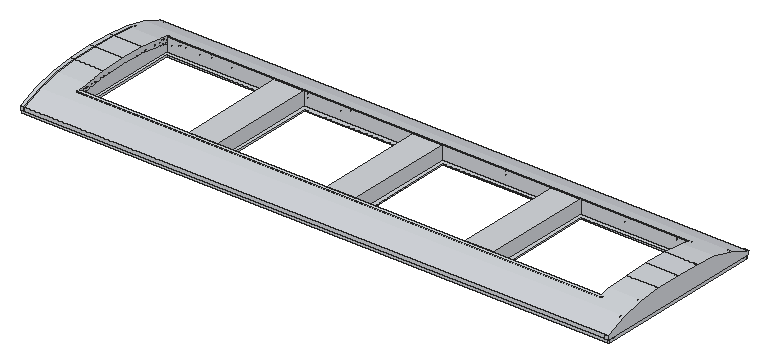
Revit family "Gira_0214778", category Electrical Fixtures, host Face, Revit 2017
Family settings
  Host = Face
  Maintain Annotation Orientation = No
  Round Connector Dimension = Use Diameter
  Part Type = Normal
  Cut with Voids When Loaded = No
  Shared = No
  Room Calculation Point = No
Parameters (values of type "Abdeckrahmen 4f Zwischenr. AN Gira Event Klar Sand")
  Werkstoffgüte = "Thermoplast"
  Werkstoff = "Kunststoff"
  URL = "http://katalog.gira.de/de_DE/datenblatt.html?artikelnr=0214778"
  Transparent = "No"
  Textfeld/Beschriftungsfläche = "No"
  Schutzart (IP) = "IP20"
  Region = "DE"
  Oberfläche = "sonstige"
  Name = "Abdeckrahmen 4f Zwischenr. AN Gira Event Klar Sand"
  Montagerichtung = "horizontal und vertikal"
  Mit Montagerahmen = "No"
  Mit Klappdeckel = "No"
  Manufacturer URL = "https://www.gira.de/"
  Keynote = "Event_Rahmen_4fach"
  HeinzeBIM = "https://bimportal.heinze.de/bim/abdeckrahmen-4f-zwischenr-an-gira-event-klar-sand/e37824ec6485593043461add711c21c70494d3a5"
  Halogenfrei = "Yes"
  HAN = "0214778"
  Geeignet für Unterputz-Installation = "No"
  Geeignet für Unterflurkanaldose = "No"
  Geeignet für Geräteeinbaukanal = "No"
  Geeignet für Einbauinstallation = "No"
  GTIN = "4010337069942"
  Farbe = "sonstige"
  Default Elevation = 1219.2 mm
  Data sheet (1) = "https://katalog.gira.de/de_DE/download.html?artikelnr=0214778"
  Category = "Abdeckrahmen"
  Befestigungsart = "Klemmbefestigung"
  Available = "Yes"
  Ausführung der Oberfläche = "glänzend"
  Anzahl der Einheiten vertikal = "4 "
  Anzahl der Einheiten horizontal = "4 "
  Anzahl der Einheiten = "4 "
Reference planes
  plane 1 "Center (Front/Back)": y = 0
  plane 2: z = 0
  plane 3 "Center (Left/Right)": x = 0
Forms (mm)
  Extrusion 1, solid, detail levels fine
    sketch origin (0, 0, 0.05) x (0, 1, 0) y (0, 0, 1)
      loop
        arc (12.445, 9.683) -> (6.223, 9.833) -> (0, 9.85) r 291.636
        arc (0, 9.85) -> (-6.223, 9.833) -> (-12.445, 9.683) r 291.636
        arc (-12.445, 9.683) -> (-29.14, 7.482) -> (-45, 1.823) r 79.728
        line (-45, 1.823) -> (-45, -0.05) -> (-42.086, -0.05)
        arc (-42.086, -0.05) -> (-21.385, 5.559) -> (0, 7.206) r 114.424
        arc (0, 7.206) -> (21.385, 5.559) -> (42.086, -0.05) r 114.424
        line (42.086, -0.05) -> (45, -0.05) -> (45, 1.823)
        arc (45, 1.823) -> (29.14, 7.482) -> (12.445, 9.683) r 79.728
    from -151.95 to 151.935
  Extrusion 2, void, detail levels fine
    sketch origin (0, 0, 0) x (1, 0, 0) y (0, 1, 0)
      loop
        line (134.95, 28.035) -> (-134.95, 28.035) -> (-134.95, -28.035) -> (134.95, -28.035) -> (134.95, 28.035)
    from 0.724 to 11
  Extrusion 3, solid, detail levels coarse
    sketch origin (0, 0, 0) x (1, 0, 0) y (0, 1, 0)
      loop
        line (-151.95, 45) -> (-151.95, -45) -> (151.935, -45) -> (151.935, 45) -> (-151.95, 45)
    from -1.5 to 9.9
  Extrusion 4, solid, detail levels medium
    sketch origin (0, 0, 0.05) x (0, 1, 0) y (0, 0, 1)
      loop
        arc (12.445, 9.683) -> (6.223, 9.833) -> (0, 9.85) r 291.636
        arc (0, 9.85) -> (-6.223, 9.833) -> (-12.445, 9.683) r 291.636
        arc (-12.445, 9.683) -> (-29.14, 7.482) -> (-45, 1.823) r 79.728
        line (-45, 1.823) -> (-45, -0.05) -> (45, -0.05) -> (45, 1.823)
        arc (45, 1.823) -> (29.14, 7.482) -> (12.445, 9.683) r 79.728
    from -151.95 to 151.935
  Extrusion 5, solid, detail levels fine
    sketch origin (-106.95, 0, -1.5) x (0, 1, 0) y (0, 0, -1)
      loop
        line (45, -3.373) -> (45, -1.5) -> (-45, -1.5) -> (-45, -3.373)
        arc (-45, -3.373) -> (-29.14, -9.032) -> (-12.445, -11.233) r 79.728
        arc (-12.445, -11.233) -> (-6.223, -11.383) -> (0, -11.4) r 291.636
        arc (0, -11.4) -> (6.223, -11.383) -> (12.445, -11.233) r 291.636
        arc (12.445, -11.233) -> (29.14, -9.032) -> (45, -3.373) r 79.728
    from 43 to 45
  Extrusion 6, solid, detail levels fine
    sketch origin (0, 0, 0) x (1, 0, 0) y (0, 1, 0)
      loop
        line (-132.85, 25.7) -> (-132.85, -25.7) -> (-81.05, -25.7) -> (-81.05, 25.7) -> (-132.85, 25.7)
      loop
        line (-9.755, -25.7) -> (-9.755, 25.7) -> (-61.555, 25.7) -> (-61.555, -25.7) -> (-9.755, -25.7)
      loop
        line (-135.845, 28.49) -> (-135.845, -28.495)
        spline (-135.845, -28.495) -> (-135.836, -28.625) -> (-135.811, -28.754) -> (-135.769, -28.878) -> (-135.711, -28.995) -> (-135.638, -29.104) -> (-135.552, -29.202) -> (-135.454, -29.288) -> (-135.345, -29.361) -> (-135.228, -29.419) -> (-135.104, -29.461) -> (-134.975, -29.486) -> (-134.845, -29.495)
        line (-134.845, -29.495) -> (134.845, -29.495)
        spline (134.845, -29.495) -> (134.975, -29.486) -> (135.104, -29.461) -> (135.228, -29.419) -> (135.345, -29.361) -> (135.454, -29.288) -> (135.552, -29.202) -> (135.638, -29.104) -> (135.711, -28.995) -> (135.769, -28.878) -> (135.811, -28.754) -> (135.836, -28.625) -> (135.845, -28.495)
        line (135.845, -28.495) -> (135.845, 28.49)
        spline (135.845, 28.49) -> (135.836, 28.62) -> (135.811, 28.748) -> (135.769, 28.872) -> (135.711, 28.99) -> (135.638, 29.098) -> (135.552, 29.197) -> (135.454, 29.283) -> (135.345, 29.356) -> (135.228, 29.413) -> (135.104, 29.456) -> (134.975, 29.481) -> (134.845, 29.49)
        line (134.845, 29.49) -> (-134.845, 29.49)
        spline (-134.845, 29.49) -> (-134.975, 29.481) -> (-135.104, 29.456) -> (-135.228, 29.413) -> (-135.345, 29.356) -> (-135.454, 29.283) -> (-135.552, 29.197) -> (-135.638, 29.098) -> (-135.711, 28.99) -> (-135.769, 28.872) -> (-135.811, 28.748) -> (-135.836, 28.62) -> (-135.845, 28.49)
      loop
        line (61.545, -25.7) -> (61.545, 25.7) -> (9.745, 25.7) -> (9.745, -25.7) -> (61.545, -25.7)
      loop
        line (132.85, -25.7) -> (132.85, 25.7) -> (81.05, 25.7) -> (81.05, -25.7) -> (132.85, -25.7)
    from 0.1 to 7.3
  Extrusion 7, solid
    sketch origin (0, 0, 0) x (1, 0, 0) y (0, 1, 0)
      loop
        arc (-151.65, -44.218) -> (-151.504, -44.572) -> (-151.15, -44.718) r 0.5
        line (-151.15, -44.718) -> (151.15, -44.718)
        arc (151.15, -44.718) -> (151.504, -44.572) -> (151.65, -44.218) r 0.5
        line (151.65, -44.218) -> (151.65, 44.182)
        arc (151.65, 44.182) -> (151.504, 44.535) -> (151.15, 44.682) r 0.5
        line (151.15, 44.682) -> (-151.15, 44.682)
        arc (-151.15, 44.682) -> (-151.504, 44.535) -> (-151.65, 44.182) r 0.5
        line (-151.65, 44.182) -> (-151.65, -44.218)
      loop
        line (-149.95, 42.982) -> (-149.95, -43.018) -> (149.95, -43.018) -> (149.95, 42.982) -> (-149.95, 42.982)
    from -1.5 to 0.5
  Extrusion 8, solid, detail levels fine
    sketch origin (106.935, 0, -1.5) x (0, 1, 0) y (0, 0, 1)
      loop
        arc (45, 3.373) -> (29.14, 9.032) -> (12.445, 11.233) r 79.728
        arc (12.445, 11.233) -> (6.223, 11.383) -> (0, 11.4) r 291.636
        arc (0, 11.4) -> (-6.223, 11.383) -> (-12.445, 11.233) r 291.636
        arc (-12.445, 11.233) -> (-29.14, 9.032) -> (-45, 3.373) r 79.728
        line (-45, 3.373) -> (-45, 1.5) -> (45, 1.5) -> (45, 3.373)
    from 43 to 45
  Extrusion 9, solid, detail levels medium
    sketch origin (0, 0, 0) x (1, 0, 0) y (0, 1, 0)
      loop
        line (-151.65, -44.718) -> (151.65, -44.718) -> (151.65, 44.682) -> (-151.65, 44.682) -> (-151.65, -44.718)
    from -1.5 to 0.5
  Extrusion 10, solid, detail levels fine
    sketch origin (-69.857, 0, 0) x (1, 0, 0) y (0, 1, 0)
      loop
        line (-8.943, 28.063) -> (-8.943, -27.937) -> (6.057, -27.937) -> (6.057, 28.063) -> (-8.943, 28.063)
    from 0.724 to 7.566
  Extrusion 11, solid, detail levels fine
    sketch origin (-1.443, 0, 0) x (-1, 0, 0) y (0, -1, 0)
      loop
        line (-8.943, -28.063) -> (6.057, -28.063) -> (6.057, 27.937) -> (-8.943, 27.937) -> (-8.943, -28.063)
    from 0.724 to 7.566
  Extrusion 12, solid, detail levels fine
    sketch origin (69.857, 0, 0) x (-1, 0, 0) y (0, -1, 0)
      loop
        line (-8.943, -28.063) -> (6.057, -28.063) -> (6.057, 27.937) -> (-8.943, 27.937) -> (-8.943, -28.063)
    from 0.724 to 7.566
Cuts and joins
  Extrusion 2 cuts Extrusion 1
  Extrusion 2 cuts Extrusion 6
Dimensions and locks
  aligned and locked: plane 2 to host face
  aligned and locked: level to host face
